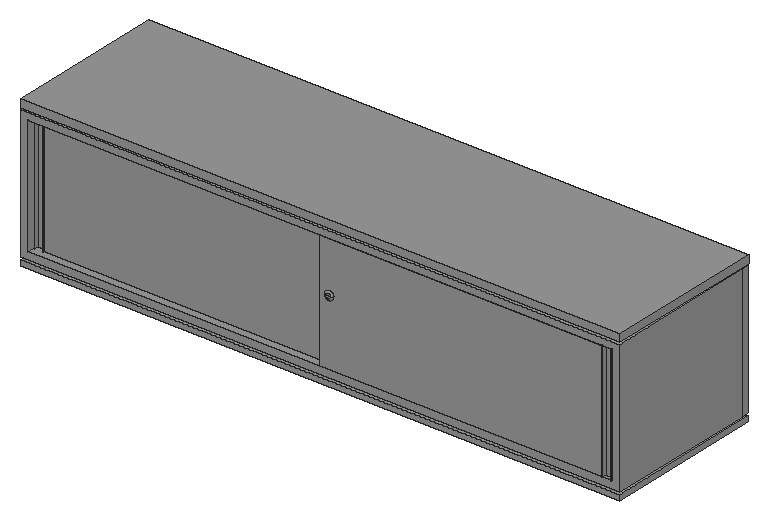
Revit family "Haworth_BeHold-Design_SlidingDoorCabinet_TopElement_EU_PRELIMINARY", category Furniture Systems, Revit 2019
Family settings
  Round Connector Dimension = Use Diameter
  Part Type = Normal
  OmniClass Number = 23.40.70.14.64.21
  OmniClass Title = Systems Furniture
  Work Plane-Based = No
  Always vertical = Yes
  Cut with Voids When Loaded = No
  Shared = No
  Room Calculation Point = No
Parameters (values of type "160w 1BH")
  with Cover Plate [instance] = yes
  Width = 160 cm
  Warranty = "http://www.haworth.com/resources/product-info/warranties"
  URL - Product = "https://www.haworth.com/eu/en/products/office-drawers/be-hold.html"
  URL = "https://www.haworth.com/eu/en.html"
  Trim Finish = Haworth _ Polymer _ Undecided
  Top Finish [instance] = Haworth _ Laminate _ Undecided _ Storage
  Size = "Verify Final Dim. w/ Haworth"  # constant formula
  Revision Number = "1"  # constant formula
  Recessed Handle Thickness Right = -0.2 cm  # constant formula
  Recessed Handle Thickness Left = 1.8 cm  # constant formula
  Recessed Handle Pull = no
  Pull Height = 10 cm  # constant formula
  Pull Finish = Haworth _ Polymer _ Undecided
  Mounting Height [instance] = 40 cm
  Model = "ESDSDAE"  # constant formula
  Min. Width = 80 cm  # constant formula
  Min. Height = 39.2 cm  # constant formula
  Max. Width = 160 cm  # constant formula
  Max. Height = 150.8 cm  # constant formula
  Manufacturer = "Haworth"  # constant formula
  Lock Offset Side = Actual Width / 2 - 7 cm  # 73 cm
  Lock Offset Length = Actual Height / 2  # 19.6 cm
  Height = 39.2 cm
  Handle 128 128 Pull = no
  Glide Finish = Haworth _ Polymer _ Undecided
  Front Finish [instance] = Haworth _ Laminate _ Undecided _ Storage
  End to End Sliding Door Pull = not(or(Handle 128 128 Pull, Recessed Handle Pull))  # yes
  Door Width = if(End to End Sliding Door Pull, Actual Width / 2 - 4.5 cm, if(Recessed Handle Pull, Actual Width / 2 - 2 cm, Actual Width / 2 - 2 cm))  # 75.5 cm
  Door Height = Actual Height - 4 cm  # 35.2 cm
  Description = "Haworth - BeHold Design - Sliding Door Cabinet - Top Element"  # constant formula
  Custom Size = not(or(Width = 91.44 cm, Width = 106.68 cm, Width = 121.92 cm, Width = 137.16 cm, Width = 152.4 cm, Width = 167.64 cm, Width = 182.88 cm))  # yes
  Cabinet Finish [instance] = Haworth _ Laminate _ Undecided _ Storage
  Back Finish [instance] = Haworth _ Laminate _ Undecided _ Storage
  Author = "Haworth (Abd Rahman)"  # constant formula
  Assembly Code = "E2020200"
  Actual Width = if(Width < Min. Width, Min. Width, if(Width > Max. Width, Max. Width, Width))  # 160 cm
  Actual Height = if(Height < Min. Height, Min. Height, if(Height > Max. Height, Max. Height, Height))  # 39.2 cm
  Actual Depth = 43 cm  # constant formula
  4BH = Actual Height = 150.8 cm  # no
  3BH = Actual Height = 113.6 cm  # no
  2BH = Actual Height = 76.4 cm  # no
  1BH = Actual Height = 39.2 cm  # yes
Types (6, lengths in cm): name | Width | Recessed Handle Pull | Lock Offset Side | Lock Offset Length | Height | Handle 128 128 Pull | End to End Sliding Door Pull | Door Width | Door Height | Actual Width | Actual Height | 4BH | 3BH | 2BH | 1BH
  80w 1BH | 80 | no | 33 | 19.6 | 39.2 | yes | no | 38 | 35.2 | 80 | 39.2 | no | no | no | yes
  90w 2BH | 90 | yes | 38 | 38.2 | 76.4 | no | no | 43 | 72.4 | 90 | 76.4 | no | no | yes | no
  100w 3BH | 100 | no | 43 | 56.8 | 113.6 | no | yes | 45.5 | 109.6 | 100 | 113.6 | no | yes | no | no
  120w 4BH | 120 | no | 53 | 75.4 | 150.8 | yes | no | 58 | 146.8 | 120 | 150.8 | yes | no | no | no
  140w 3BH | 140 | yes | 63 | 56.8 | 113.6 | no | no | 68 | 109.6 | 140 | 113.6 | no | yes | no | no
  160w 1BH | 160 | no | 73 | 19.6 | 39.2 | no | yes | 75.5 | 35.2 | 160 | 39.2 | no | no | no | yes
Reference planes (cm)
  plane 1: z = 40
  plane 2 "Center L/R": x = -15.6859
  plane 3 "Center F/B": y = -29.21
  plane 4 "Top": z = 79.2
  plane 5 "Back": y = -7.71
  plane 6 "Front": y = -50.71
  plane 7 "Right": x = 64.3141
  plane 8 "Left": x = -95.6859
  plane 9: z = 77.3816
  plane 10: x = 62.3141
  plane 11: x = -93.6859
  plane 12: z = 41.8184
  plane 13: y = -48.71
  plane 14: z = 79.7
  plane 15: y = -9.71
  plane 16: z = 43.8184
  plane 17: z = 45.8184
  plane 18: z = 43.3184
  plane 19: y = -44.4342
  plane 20: x = 54.5804
  plane 21: y = -42.4342
  plane 22: y = -13.9858
  plane 23: y = -15.9858
  plane 24: x = -85.9522
  plane 25: y = -44.74
  plane 26: y = -43.3236
  plane 27: y = -13.68
  plane 28: y = -15.0964
  plane 29: y = -49.3975
  plane 30: y = -49.5975
  plane 31: x = 62.1141
  plane 32: x = 59.8496
  plane 33: x = 59.6496
  plane 34: x = 57.8016
  plane 35: x = 52.8016
  plane 36: z = 47.8184
  plane 37: z = 65.8184
  plane 38: x = -89.1734
  plane 39: x = -84.1734
  plane 40: z = 47.8184
  plane 41: z = 65.8184
  plane 42: x = -87.6734
  plane 43: x = -85.6734
  plane 44: z = 64.3184
  plane 45: z = 49.3184
  plane 46: x = 56.3016
  plane 47: x = 54.3016
  plane 48: z = 64.3184
  plane 49: z = 49.3184
  plane 50: y = -47.5975
  plane 51: x = -93.4859
  plane 52: x = -91.2214
  plane 53: x = -91.0214
  plane 54: y = -47.3975
  plane 55: y = -50.81
  plane 56: y = -48.8268
Forms (cm)
  Extrusion 1, solid, material "Haworth _ Laminate _ Undecided _ Storage" <- "Cabinet Finish"
    sketch origin (0, -29.21, 0) x (1, 0, 0) y (0, 0, 1)
      loop
        line (-95.6859, 79.2) -> (-95.6859, 43.8184) -> (64.3141, 43.8184) -> (64.3141, 79.2) -> (-95.6859, 79.2)
      loop
        line (-93.6859, 77.3816) -> (-93.6859, 45.8184) -> (62.3141, 45.8184) -> (62.3141, 77.3816) -> (-93.6859, 77.3816)
    from -19.5 to 21.5
  Extrusion 2, solid, material "Haworth _ Laminate _ Undecided _ Storage" <- "Cabinet Finish"
    sketch origin (0, -29.21, 0) x (1, 0, 0) y (0, 0, 1)
      loop
        line (-95.6859, 43.3184) -> (-95.6859, 41.8184) -> (64.3141, 41.8184) -> (64.3141, 43.3184) -> (-95.6859, 43.3184)
    from -21.5 to 21.5
  Extrusion 3, solid, material "Haworth _ Polymer _ Undecided" <- "Glide Finish"
    sketch origin (0, 0, 0) x (1, 0, 0) y (0, 1, 0)
      loop
        arc (53.0804, -42.4342) -> (54.5804, -46.9342) -> (56.0804, -42.4342) r 2.5
        line (56.0804, -42.4342) -> (53.0804, -42.4342)
      loop
        line (53.0804, -15.9858) -> (56.0804, -15.9858)
        arc (56.0804, -15.9858) -> (54.5804, -11.4858) -> (53.0804, -15.9858) r 2.5
      loop
        line (-84.4522, -42.4342) -> (-87.4522, -42.4342)
        arc (-87.4522, -42.4342) -> (-85.9522, -46.9342) -> (-84.4522, -42.4342) r 2.5
      loop
        arc (-84.4522, -15.9858) -> (-85.9522, -11.4858) -> (-87.4522, -15.9858) r 2.5
        line (-87.4522, -15.9858) -> (-84.4522, -15.9858)
    from 40 to 41.8184
  Extrusion 4, solid, material "Haworth _ Laminate _ Undecided _ Storage" <- "Back Finish"
    sketch origin (0, -29.21, 0) x (1, 0, 0) y (0, 0, 1)
      loop
        line (64.3141, 79.2) -> (-95.6859, 79.2) -> (-95.6859, 43.8184) -> (64.3141, 43.8184) -> (64.3141, 79.2)
    from -21.5 to -19.5
  Extrusion 5, solid, material "Haworth _ Polymer _ Undecided" <- "Glide Finish"
    sketch origin (0, 0, 0) x (1, 0, 0) y (0, 1, 0)
      loop
        line (-93.6859, -44.74) -> (62.3141, -44.74) -> (62.3141, -43.3236) -> (-93.6859, -43.3236) -> (-93.6859, -44.74)
      loop
        line (-93.6859, -13.68) -> (-93.6859, -15.0964) -> (62.3141, -15.0964) -> (62.3141, -13.68) -> (-93.6859, -13.68)
    from 43.3184 to 43.8184
  Extrusion 6, solid, material "Haworth _ Polymer _ Undecided" <- "Pull Finish", visible <- "End to End Sliding Door Pull"
    sketch origin (0, 0, 0) x (1, 0, 0) y (0, 1, 0)
      loop
        line (62.1141, -50.71) -> (62.3141, -50.71) -> (62.3141, -49.3975) -> (59.6496, -49.3975) -> (59.6496, -50.71) -> (59.8496, -50.71) -> (59.8496, -49.5975) -> (62.1141, -49.5975) -> (62.1141, -50.71)
    from 45.8184 to 77.3816
  Extrusion 7, solid, material "Haworth _ Polymer _ Undecided" <- "Pull Finish", visible <- "Recessed Handle Pull"
    sketch origin (0, -50.71, 0) x (-1, 0, 0) y (0, 0, 1)
      loop
        line (-57.8016, 65.8184) -> (-57.8016, 47.8184) -> (-52.8016, 47.8184) -> (-52.8016, 65.8184) -> (-57.8016, 65.8184)
    from -0.2 <- "Recessed Handle Thickness Right" to 0
  Extrusion 8, solid, material "Haworth _ Polymer _ Undecided" <- "Pull Finish", visible <- "Recessed Handle Pull"
    sketch origin (0, -50.71, 0) x (-1, 0, 0) y (0, 0, 1)
      loop
        line (89.1734, 65.8184) -> (84.1734, 65.8184) -> (84.1734, 47.8184) -> (89.1734, 47.8184) -> (89.1734, 65.8184)
    from 2 to 1.8 <- "Recessed Handle Thickness Left"
  Extrusion 9, void
    sketch origin (0, -50.71, 0) x (-1, 0, 0) y (0, 0, 1)
      loop
        line (-54.3016, 64.3184) -> (-56.3016, 64.3184) -> (-56.3016, 49.3184) -> (-54.3016, 49.3184) -> (-54.3016, 64.3184)
    from -26.954 to -0.1
  Extrusion 10, void
    sketch origin (0, -50.71, 0) x (-1, 0, 0) y (0, 0, 1)
      loop
        line (85.6734, 64.3184) -> (85.6734, 49.3184) -> (87.6734, 49.3184) -> (87.6734, 64.3184) -> (85.6734, 64.3184)
    from -26.954 to 1.8832
  Extrusion 11, solid, material "Haworth _ Polymer _ Undecided" <- "Pull Finish"
    sketch origin (0, 0, 0) x (1, 0, 0) y (0, 1, 0)
      loop
        line (-93.4859, -48.71) -> (-93.4859, -47.5975) -> (-91.2214, -47.5975) -> (-91.2214, -48.71) -> (-91.0214, -48.71) -> (-91.0214, -47.3975) -> (-93.6859, -47.3975) -> (-93.6859, -48.71) -> (-93.4859, -48.71)
    from 45.8184 to 77.3816
Cuts and joins
  Extrusion 9 cuts Extrusion 7
  Extrusion 9, Extrusion 10 cuts Extrusion 8
Lines and regions (cm)
  Masking region 1
    outline origin (0, 0, 0) x (1, 0, 0) y (0, 1, 0)
      loop
        line (-95.6859, -7.71) -> (-95.6859, -50.71) -> (64.3141, -50.71) -> (64.3141, -7.71) -> (-95.6859, -7.71)
Dimensions and locks (cm)
  equal spacing: plane 8 "Left", plane 2 "Center L/R", plane 7 "Right"
  "Actual Width": plane 8 "Left" to plane 7 "Right"
  equal spacing: plane 5 "Back", plane 3 "Center F/B", plane 6 "Front"
  "Actual Depth": plane 5 "Back" to plane 6 "Front"
  locked: plane 10 to plane 7 "Right" at 2
  locked: plane 8 "Left" to plane 11 at 2
  locked: plane 4 "Top" to plane 9 at 1.8184
  locked: plane 12 to plane 1 at 1.8184
  "Actual Height": plane 4 "Top" to plane 1
  "Mounting Height": plane 1 to level
  locked: plane 6 "Front" to plane 13 at 2
  locked: plane 14 to plane 4 "Top" at 0.5
  locked: plane 15 to plane 5 "Back" at 2
  locked: plane 16 to plane 12 at 2
  locked: plane 17 to plane 16 at 2
  locked: plane 16 to plane 18 at 0.5
  plane 21 to plane 19 to plane 6 "Front" = 2 cm locked, 6.2758 cm locked
  locked: plane 20 to plane 7 "Right" at 9.7337
  locked: plane 23 to plane 22 at 2
  locked: plane 22 to plane 5 "Back" at 6.2758
  locked: plane 8 "Left" to plane 24 at 9.7337
  plane 6 "Front" to plane 25 to plane 26 = 5.97 cm locked, 1.4164 cm locked
  locked: plane 27 to plane 28 at 1.4164
  locked: plane 5 "Back" to plane 27 at 5.97
  plane 33 to plane 32 to plane 31 to plane 7 "Right" = 0.2 cm locked, 2.2645 cm locked, 2.2 cm locked
  plane 6 "Front" to plane 30 to plane 29 = 1.1125 cm locked, 0.2 cm locked
  plane 35 to plane 34 to plane 7 "Right" = 5 cm locked, 6.5125 cm locked
  plane 39 to plane 38 to plane 8 "Left" = 5 cm locked, 6.5125 cm locked
  plane 41 to plane 40 to plane 17 = 18 cm locked, 2 cm locked
  plane 37 to plane 36 to plane 17 = 18 cm locked, 2 cm locked
  plane 44 to plane 45 to plane 17 = 15 cm locked, 3.5 cm locked
  plane 43 to plane 42 to plane 8 "Left" = 2 cm locked, 8.0125 cm locked
  plane 48 to plane 49 to plane 17 = 15 cm locked, 3.5 cm locked
  plane 47 to plane 46 to plane 7 "Right" = 2 cm locked, 8.0125 cm locked
  plane 8 "Left" to plane 51 to plane 52 to plane 53 = 2.2 cm locked, 2.2645 cm locked, 0.2 cm locked
  plane 6 "Front" to plane 50 to plane 54 = 3.1125 cm locked, 0.2 cm locked
  locked: plane 55 to plane 6 "Front" at 0.1
  locked: plane 56 to plane 13 at 0.1168
  radius of Extrusion 3 sketch curve = 2.5 cm  (x4)
  aligned and locked: plane 7 "Right" to Masking region 1
  aligned and locked: plane 5 "Back" to Masking region 1
  aligned and locked: Masking region 1 to plane 6 "Front"
  aligned and locked: Masking region 1 to plane 8 "Left"
  aligned and locked: plane 6 "Front" to nested 1
  aligned and locked: plane 13 to nested 2
  aligned and locked: plane 3 "Center F/B" to nested 3
  aligned and locked: plane 2 "Center L/R" to nested 3
  aligned and locked: nested 3 to plane 14
  aligned and locked: plane 8 "Left" to Extrusion 1 sketch curve
  aligned and locked: Extrusion 1 sketch curve to plane 7 "Right"
  aligned and locked: Extrusion 1 sketch curve to plane 4 "Top"
  aligned and locked: plane 10 to Extrusion 1 sketch curve
  aligned and locked: Extrusion 1 sketch curve to plane 9
  aligned and locked: Extrusion 1 sketch curve to plane 11
  aligned and locked: nested 1 to plane 9
  aligned and locked: nested 2 to plane 9
  aligned and locked: Extrusion 1 to plane 16
  aligned and locked: Extrusion 2 sketch curve to plane 7 "Right"
  aligned and locked: plane 8 "Left" to Extrusion 2 sketch curve
  aligned and locked: Extrusion 2 to plane 12
  aligned and locked: plane 5 "Back" to Extrusion 2
  aligned and locked: Extrusion 2 to plane 6 "Front"
  aligned and locked: plane 19 to Extrusion 3 sketch curve  (x2)
  aligned and locked: plane 20 to Extrusion 3 sketch curve  (x2)
  aligned and locked: plane 22 to Extrusion 3 sketch curve
  aligned and locked: plane 24 to Extrusion 3 sketch curve  (x2)
  aligned and locked: plane 23 to Extrusion 3 sketch curve  (x2)
  aligned and locked: Extrusion 3 sketch curve to plane 22
  aligned and locked: plane 21 to Extrusion 3 sketch curve
  aligned and locked: Extrusion 3 sketch curve to plane 21
  aligned and locked: Extrusion 3 to plane 1
  aligned and locked: plane 12 to Extrusion 3
  aligned and locked: Extrusion 1 to plane 15
  aligned and locked: Extrusion 4 sketch curve to plane 7 "Right"
  aligned and locked: plane 8 "Left" to Extrusion 4 sketch curve
  aligned and locked: Extrusion 4 sketch curve to plane 16
  aligned and locked: Extrusion 4 sketch curve to plane 4 "Top"
  aligned and locked: plane 5 "Back" to Extrusion 4
  aligned and locked: plane 15 to Extrusion 4
  aligned and locked: Extrusion 5 sketch curve to plane 26
  aligned and locked: Extrusion 5 sketch curve to plane 25
  aligned and locked: Extrusion 5 sketch curve to plane 27
  aligned and locked: Extrusion 5 sketch curve to plane 28
  aligned and locked: Extrusion 5 to plane 18
  aligned and locked: plane 16 to Extrusion 5
  aligned and locked: plane 10 to Extrusion 5 sketch curve
  aligned and locked: Extrusion 5 sketch curve to plane 10
  aligned and locked: Extrusion 5 sketch curve to plane 11
  aligned and locked: plane 11 to Extrusion 5 sketch curve
  aligned and locked: Extrusion 6 to plane 9
  aligned and locked: Extrusion 6 to plane 17
  aligned and locked: Extrusion 6 sketch curve to plane 31
  aligned and locked: Extrusion 6 sketch curve to plane 29
  aligned and locked: Extrusion 6 sketch curve to plane 30
  aligned and locked: Extrusion 6 sketch curve to plane 32
  aligned and locked: Extrusion 6 sketch curve to plane 33
  aligned and locked: Extrusion 6 sketch curve to plane 10
  aligned and locked: Extrusion 6 sketch curve to plane 6 "Front"  (x2)
  aligned and locked: plane 36 to Extrusion 7 sketch curve
  aligned and locked: Extrusion 7 sketch curve to plane 37
  aligned and locked: Extrusion 7 sketch curve to plane 35
  aligned and locked: Extrusion 7 sketch curve to plane 34
  aligned and locked: plane 6 "Front" to Extrusion 7
  aligned and locked: Extrusion 8 sketch curve to plane 39
  aligned and locked: plane 38 to Extrusion 8 sketch curve
  aligned and locked: Extrusion 8 sketch curve to plane 41
  aligned and locked: Extrusion 8 sketch curve to plane 40
  aligned and locked: Extrusion 8 to plane 13
  aligned and locked: Extrusion 10 sketch curve to plane 44
  aligned and locked: plane 45 to Extrusion 10 sketch curve
  aligned and locked: plane 42 to Extrusion 10 sketch curve
  aligned and locked: Extrusion 10 sketch curve to plane 43
  aligned and locked: Extrusion 9 sketch curve to plane 48
  aligned and locked: plane 49 to Extrusion 9 sketch curve
  aligned and locked: Extrusion 9 sketch curve to plane 46
  aligned and locked: Extrusion 9 sketch curve to plane 47
  aligned and locked: plane 2 "Center L/R" to nested 1
  aligned and locked: plane 2 "Center L/R" to nested 2
  aligned and locked: Extrusion 11 sketch curve to plane 51
  aligned and locked: Extrusion 11 sketch curve to plane 50
  aligned and locked: plane 52 to Extrusion 11 sketch curve
  aligned and locked: plane 53 to Extrusion 11 sketch curve
  aligned and locked: Extrusion 11 sketch curve to plane 11
  aligned and locked: Extrusion 11 to plane 17
  aligned and locked: plane 13 to Extrusion 11 sketch curve
  aligned and locked: Extrusion 11 sketch curve to plane 13
  aligned and locked: Extrusion 11 sketch curve to plane 54
  aligned and locked: plane 9 to Extrusion 11
  aligned and locked: Extrusion 1 to plane 6 "Front"
  aligned and locked: plane 56 to Extrusion 10
  aligned and locked: plane 55 to Extrusion 9
Automatic sketch dimensions
  Masking region 1 sketch curve to plane 6 "Front" = 0 cm
  Masking region 1 sketch curve to plane 8 "Left" = 0 cm
  Masking region 1 sketch curve to plane 7 "Right" = 0 cm
  Masking region 1 sketch curve to plane 5 "Back" = 0 cm
  Extrusion 1 sketch curve to plane 16 = 0 cm
  Extrusion 1 sketch curve to plane 17 = 0 cm
  Extrusion 2 sketch curve to plane 12 = 0 cm
  Extrusion 2 sketch curve to plane 18 = 0 cm
Nested families (cm)
  nested 1: "Haworth_BeHold_SingleHingedDoor_PART" at (37.75, -1.18, -11.7112), type "Single Hinged Door w/pull"
    with Pull Height 10 cm, Lock Offset Side 73 cm, Lock Offset Length 19.6 cm, Linear Pull no, Actual Width 75.5 cm, Actual Height 35.2 cm
  nested 2: "Haworth_BeHold_SingleHingedDoor_PART" at (-69.1218, 0.82, -11.7112) x (-1, 0, 0) z (0, 0, 1), type "Single Hinged Door w/pull w/o Lock"
    with Without Lock yes, With Lock no, Pull Height 10 cm, Lock Offset Side 45 cm, Lock Offset Length 6.1516 cm, Linear Pull no, Actual Width 75.5 cm, Actual Height 35.2 cm
  nested 3: "Haworth_BeHold_CoverPlate_Top-PART" at (0, 0, -170.3), visible <- "with Cover Plate", Top Finish <- "Top Finish", type "Cover Plate"
    with Top Finish Haworth _ Laminate _ Undecided _ Storage, Actual Width 160 cm, Actual Mounting Height 250 cm, Actual Depth 43 cm
Definition of nested family "Haworth_BeHold_SingleHingedDoor_PART"
  Parameters (values of type "Single Hinged Door w/pull")
    Without Lock = not(With Lock)  # no
    With Lock = yes
    Wing Pull = no
    Warranty = "http://www.haworth.com/resources/product-info/warranties"
    URL - Product = ""
    URL = "www.haworth.com"
    Sustainability Info = "https://www.haworth.com/company-info/sustainability"
    Size = "Verify Final Dim. w/ Haworth"  # constant formula
    Revision Number = "1"  # constant formula
    Pull Height = 61.24 cm
    Pull Finish = none
    No Pull = yes
    Model = "Haworth Be_Hold"  # constant formula
    Manufacturer = "Haworth"  # constant formula
    Lock Offset Side = 6.0621 cm
    Lock Offset Length = 7.62 cm
    Linear Pull = yes
    Description = "PART"
    Crescent Pull = not(or(Linear Pull, Classic Pull, Wing Pull, Blade Pull, No Pull))  # no
    Classic Pull = no
    Cabinet Finish = none
    Blade Pull = no
    Author = "Haworth (Abd Rahman)"  # constant formula
    Assembly Code = "E2020200"
    Actual Width = 58 cm
    Actual Height = 149.1 cm
    Actual Depth = 40.64 cm  # constant formula
  Reference planes (cm)
    plane 1: z = 0
    plane 2 "Center L/R": x = -15.6859
    plane 3 "Center F/B": y = -29.21
    plane 4 "Top": z = 204.9006
    plane 5 "Back": y = -8.89
    plane 6 "Front": y = -49.53
    plane 7 "Right": x = 13.3141
    plane 8 "Left": x = -44.6859
    plane 9: z = 55.8006
    plane 10: y = -47.56
    plane 11: z = 202.9928
    plane 12: z = 57.7056
    plane 13: x = 11.4091
    plane 14: x = -42.7809
    plane 15: z = 117.0406
    plane 16: x = 7.252
    plane 17: z = 63.4206
  Forms (cm)
    Extrusion 1, solid, material <- "Cabinet Finish"
      sketch origin (0, -49.53, 0) x (-1, 0, 0) y (0, 0, 1)
        loop
          line (44.6859, 202.9928) -> (-13.3141, 202.9928) -> (-13.3141, 57.7056) -> (44.6859, 57.7056) -> (44.6859, 202.9928)
      from 0 to 1.97
    Revolve 2, solid, material <- "Pull Finish", visible <- "With Lock"
      sketch origin (0, -0.1588, 63.4206) x (1, 0, 0) y (0, 1, 0)
        loop
          line (7.252, -49.3784) -> (7.252, -49.6959) -> (8.0457, -49.6959)
          arc (8.0457, -49.6959) -> (8.2702, -49.6029) -> (8.3632, -49.3784) r 0.3175
          line (8.3632, -49.3784) -> (7.252, -49.3784)
        axis (7.252, -49.3784) -> (7.252, -49.6959)
      angle from 0 to 360
  Dimensions and locks (cm)
    equal spacing: plane 8 "Left", plane 2 "Center L/R", plane 7 "Right"
    "Actual Width": plane 8 "Left" to plane 7 "Right"
    equal spacing: plane 5 "Back", plane 3 "Center F/B", plane 6 "Front"
    "Actual Depth": plane 5 "Back" to plane 6 "Front"
    plane 9 to level = 55.8006 cm
    "Actual Height": plane 4 "Top" to plane 9
    locked: plane 6 "Front" to plane 10 at 1.97
    locked: plane 4 "Top" to plane 11 at 1.9078
    plane 13 to plane 7 "Right" = 1.905 cm
    plane 8 "Left" to plane 14 = 1.905 cm
    locked: plane 9 to plane 12 at 1.905
    "Pull Height": plane 15 to plane 9
    locked: nested 1 to plane 13 at 2.8575
    "Lock Offset Side": plane 16 to plane 7 "Right"
    "Lock Offset Length": plane 17 to plane 9
    aligned and locked: Extrusion 1 sketch curve to plane 12
    aligned and locked: nested 1 to plane 6 "Front"
    aligned and locked: Extrusion 1 sketch curve to plane 7 "Right"
    aligned and locked: plane 8 "Left" to Extrusion 1 sketch curve
    aligned and locked: plane 15 to nested 1
    aligned and locked: plane 16 to Revolve 2 sketch curve
    aligned and locked: plane 17 to Revolve 2
  Automatic sketch dimensions
    Extrusion 1 sketch curve to plane 11 = 0 cm
    Revolve 2 sketch curve to plane 6 "Front" = 0.0072 cm
    Revolve 2 sketch curve to plane 6 "Front" = 0.3246 cm
    Revolve 2 sketch curve to Revolve 2 sketch curve = 0.7938 cm
    Revolve 2 sketch curve to Revolve 2 sketch curve = 0 cm  (x3)
  Nested families (cm)
    nested 1: "Haworth_Door-Pulls_PART" at (11.4933, -49.4532, 126.0957), type "Pull"
      with Linear yes, Classic no
  Definition of nested family "Haworth_Door-Pulls_PART"
    Parameters (values of type "Pull")
      Working Distance = 0 cm  # constant formula
      Wing Pull Length = 21.1074 cm
      Wing = no
      Warranty = "https://www.haworth.com/resources/product-info/warranties"
      URL - Product = ""
      URL = "www.haworth.com"
      Trim Finish = none
      Revision Number = "1"  # constant formula
      Model = "Haworth Be_Hold"  # constant formula
      Manufacturer = "Haworth"  # constant formula
      Linear Pull Length = 18.1102 cm
      Linear = no
      Description = "Haworth - Be_Hold - Door Pulls"
      Cresent = no
      Classic Pull Length = 20.32 cm
      Classic = yes
      Author = "Haworth (Alias)"  # constant formula
      Assembly Code = ""
    Reference planes (cm)
      plane 1 "Center F/B": y = -0.0768
      plane 2 "Center": z = 0
      plane 3 "Center L/R": x = -3.2592
      plane 4 "Right": x = -1.9892
      plane 5 "Left": x = -4.5292
      plane 6 "cresent": x = -3.2592
      plane 7 "classic": x = -3.2592
      plane 8 "linear": x = -3.2592
      plane 9 "Top linear": z = 9.0551
      plane 10 "Bottom linear": z = -9.0551
      plane 11 "Left wing": x = -13.8129
      plane 12 "Right wing": x = 7.2945
      plane 13 "Top classic": z = 10.16
      plane 14 "Bottom classic": z = -10.16
    Forms (cm)
      Extrusion 1, solid, material <- "Trim Finish", visible <- "Linear"
        sketch origin (-3.2592, 0, 0) x (0, 0, 1) y (0, -1, 0)
          loop
            line (9.0551, 0.0768) -> (9.0551, 3.2518) -> (-9.0551, 3.2518) -> (-9.0551, 0.0768) -> (-6.5151, 0.0768) -> (-6.5151, 2.6168) -> (6.5151, 2.6168) -> (6.5151, 0.0768) -> (9.0551, 0.0768)
        from 0.3175 to -0.3175
      Extrusion 2, solid, material <- "Trim Finish", visible <- "Classic"
        sketch origin (-17.5467, -0.0768, 29.0033) x (0, 0, -1) y (1, 0, 0)
          loop
            line (18.8433, 15.24) -> (18.8433, 13.335)
            arc (18.8433, 13.335) -> (19.7958, 14.2875) -> (18.8433, 15.24) r 0.9525
        from 0 to 2.54
      Extrusion 3, solid, material <- "Trim Finish", visible <- "Classic"
        sketch origin (-17.5467, -0.0768, -11.7475) x (0, 0, 1) y (-1, 0, 0)
          loop
            arc (1.5875, -15.24) -> (2.54, -14.2875) -> (1.5875, -13.335) r 0.9525
            line (1.5875, -13.335) -> (1.5875, -15.24)
        from 0 to 2.54
      Extrusion 4, solid, material <- "Trim Finish", visible <- "Classic"
        sketch origin (-17.5467, -0.0768, 29.0033) x (0, 0, -1) y (1, 0, 0)
          loop
            line (18.8433, 15.24) -> (18.8433, 13.335) -> (39.1633, 13.335) -> (39.1633, 15.24) -> (18.8433, 15.24)
        from 2.54 to 3.175
      Sweep 5, solid, material <- "Trim Finish", visible <- "Cresent"
        path origin (-3.2592, 0, 0) x (0, 1, 0) y (0, 0, 1)
          loop
            arc (-0.0768, 9.4293) -> (-3.175, 0.0077) -> (-0.0768, -9.414) r 15.875
        profile origin (-3.2592, -3.175, 0.0077) x (1, 0, 0) y (0, 1, 0)
          loop
            circle (0, 0.3175) r 0.3175
      Extrusion 6, void
        sketch origin (-3.2592, 0, 0) x (0, 0, 1) y (0, -1, 0)
          loop
            line (9.6277, 0.0768) -> (-9.7545, 0.0768) -> (-9.7545, -0.8146) -> (9.6277, -0.8146) -> (9.6277, 0.0768)
        from 0.635 to -0.635
      Sweep 7, solid, material <- "Trim Finish", visible <- "Wing"
        path origin (0, 0, 0) x (1, 0, 0) y (0, 1, 0)
          loop
            line (7.2945, -0.0768) -> (-13.8129, -0.0768)
        profile origin (-3.2592, -0.0768, 0) x (0, -1, 0) y (0, 0, 1)
          loop
            line (0, 0) -> (0, -0.1397) -> (1.8151, -1.154)
            arc (1.8151, -1.154) -> (2.1712, -1.0357) -> (2.0214, -0.6917) r 0.2541
            line (2.0214, -0.6917) -> (0, 0)
      Extrusion 8, void
        sketch origin (0, 0, 0) x (1, 0, 0) y (0, 1, 0)
          loop
            line (-13.8129, -0.0768) -> (-13.8129, -2.7247) -> (-12.8491, -2.7247) -> (-13.8129, -0.0768)
          loop
            line (7.2945, -0.0768) -> (6.3307, -2.7247) -> (7.2945, -2.7247) -> (7.2945, -0.0768)
        from -9.0551 to 9.0551
    Cuts and joins
      Extrusion 6 cuts Extrusion 2
      Extrusion 6 cuts Extrusion 3
      Extrusion 6 cuts Extrusion 4
      joined: Extrusion 2, Extrusion 3, Extrusion 4
      Extrusion 6 cuts Extrusion 1
      Extrusion 6 cuts Sweep 5
      Extrusion 8 cuts Sweep 7
    Lines and regions (cm)
      symbolic lines, detail levels fine
        curve 1: line (-4.5292, -0.0768, 0) -> (-1.9892, -0.0768, 0)
    Dimensions and locks (cm)
      equal spacing: plane 4 "Right", plane 3 "Center L/R", plane 5 "Left"
      locked: plane 4 "Right" to plane 5 "Left" at 2.54
      cut or joined group of Extrusion 2, Extrusion 3, Extrusion 4, Extrusion 6 to plane 7 "classic" to cut or joined group of Extrusion 2, Extrusion 3, Extrusion 4, Extrusion 6 = 0.9525 cm locked, 0.9525 cm locked
      locked: Extrusion 6 sketch curve to plane 9 "Top linear" at 0.5726
      locked: plane 10 "Bottom linear" to Extrusion 6 sketch curve at 0.6994
      locked: Extrusion 8 sketch curve to plane 1 "Center F/B" at 2.6479
      locked: plane 1 "Center F/B" to Extrusion 8 sketch curve at 2.6479
      "Working Distance": plane 3 "Center L/R" to plane 7 "classic"
      "Working Distance": plane 3 "Center L/R" to plane 6 "cresent"
      "Working Distance": plane 3 "Center L/R" to plane 8 "linear"
      locked: plane 9 "Top linear" to Extrusion 1 sketch curve at 2.54
      locked: plane 10 "Bottom linear" to Extrusion 1 sketch curve at 2.54
      equal spacing: plane 9 "Top linear", plane 2 "Center", plane 10 "Bottom linear"
      "Linear Pull Length": plane 9 "Top linear" to plane 10 "Bottom linear"
      equal spacing: plane 13 "Top classic", plane 2 "Center", plane 14 "Bottom classic"
      "Classic Pull Length": plane 13 "Top classic" to plane 14 "Bottom classic"
      equal spacing: plane 12 "Right wing", plane 3 "Center L/R", plane 11 "Left wing"
      "Wing Pull Length": plane 12 "Right wing" to plane 11 "Left wing"
      locked: plane 11 "Left wing" to Extrusion 8 sketch curve at 0.9638
      locked: Extrusion 8 sketch curve to plane 12 "Right wing" at 0.9638
      aligned: Extrusion 1 to plane 1 "Center F/B"  (x2)
      aligned and locked: level to plane 2 "Center"
      aligned and locked: plane 6 "cresent" to Sweep 5 sketch curve
      aligned and locked: Extrusion 1 sketch curve to plane 9 "Top linear"
      aligned and locked: plane 10 "Bottom linear" to Extrusion 1 sketch curve
      aligned and locked: Sweep 7 sketch curve to plane 1 "Center F/B"
      aligned and locked: Extrusion 8 to plane 10 "Bottom linear"
      aligned and locked: plane 9 "Top linear" to Extrusion 8
      aligned and locked: plane 1 "Center F/B" to curve 1
      aligned and locked: plane 4 "Right" to curve 1
      aligned and locked: plane 5 "Left" to curve 1
      aligned and locked: Extrusion 4 sketch curve to plane 13 "Top classic"
      aligned and locked: plane 14 "Bottom classic" to Extrusion 4 sketch curve
      aligned and locked: plane 13 "Top classic" to Extrusion 2 sketch curve  (x2)
      aligned and locked: plane 7 "classic" to Extrusion 2 sketch curve
      aligned and locked: plane 7 "classic" to Extrusion 3 sketch curve
      aligned and locked: plane 14 "Bottom classic" to Extrusion 3 sketch curve  (x2)
      aligned and locked: plane 11 "Left wing" to Sweep 7 sketch curve
      aligned and locked: plane 12 "Right wing" to Sweep 7 sketch curve
      aligned and locked: Extrusion 8 sketch curve to plane 11 "Left wing"
      aligned and locked: Extrusion 8 sketch curve to plane 12 "Right wing"
    Automatic sketch dimensions
      Sweep 5 sketch curve to plane 1 "Center F/B" = 0 cm  (x2)
      level to Sweep 5 sketch curve = 0.0077 cm
      Sweep 5 sketch curve to plane 1 "Center F/B" = 12.7768 cm
      Sweep 5 sketch curve to profile plane = 0.3175 cm
      Sweep 5 sketch curve to level = 9.414 cm
      Extrusion 6 sketch curve to plane 1 "Center F/B" = 0 cm
      Extrusion 6 sketch curve to plane 1 "Center F/B" = 0.8914 cm
      Sweep 7 sketch curve to level = 0 cm
      Sweep 7 sketch curve to profile plane = 0 cm
      Sweep 7 sketch curve to profile plane = 1.8151 cm
      Sweep 7 sketch curve to Sweep 7 sketch curve = 0.124 cm
      Sweep 7 sketch curve to level = 0.6917 cm
      Sweep 7 sketch curve to Sweep 7 sketch curve = 0.0823 cm
      Sweep 7 sketch curve to Sweep 7 sketch curve = 0.2404 cm
      Sweep 7 sketch curve to Sweep 7 sketch curve = 0.1397 cm
      Extrusion 1 sketch curve to plane 1 "Center F/B" = 0 cm  (x2)
      plane 1 "Center F/B" to Extrusion 1 sketch curve = 2.54 cm
      Extrusion 1 sketch curve to Extrusion 1 sketch curve = 0.635 cm
      plane 5 "Left" to Extrusion 4 sketch curve = 0.3175 cm
      Extrusion 4 sketch curve to plane 4 "Right" = 0.3175 cm
      plane 1 "Center F/B" to Extrusion 8 sketch curve = 0 cm  (x2)
      plane 5 "Left" to Extrusion 2 sketch curve = 0.3175 cm
      Extrusion 3 sketch curve to plane 4 "Right" = 0.3175 cm
      radius of Sweep 5 sketch curve = 0.3175 cm
Definition of nested family "Haworth_BeHold_CoverPlate_Top-PART"
  Parameters (values of type "Cover Plate")
    Warranty = "http://www.haworth.com/resources/product-info/warranties"
    URL - Product = "https://www.haworth.com/eu/en/products/office-drawers/be-hold.html"
    URL = "https://www.haworth.com/eu/en.html"
    Top Finish [instance] = none
    Thickness = 2 cm
    Size = "Verify Final Dim. w/ Haworth"  # constant formula
    Revision Number = "1"  # constant formula
    Model = "Haworth Be_Hold"  # constant formula
    Manufacturer = "Haworth"  # constant formula
    Description = "Haworth - BeHold - Cover Plate"  # constant formula
    Author = "Haworth (Abd Rahman)"  # constant formula
    Assembly Code = "E2020200"
    Actual Width = 150 cm
    Actual Mounting Height = 45 cm
    Actual Depth = 120 cm
  Reference planes (cm)
    plane 1: z = 0
    plane 2 "Center L/R": x = -15.6859
    plane 3 "Center F/B": y = -29.21
    plane 4 "Top of top": z = 47
    plane 5 "Back": y = 30.79
    plane 6 "Front": y = -89.21
    plane 7 "Left": x = -90.6859
    plane 8 "Right": x = 59.3141
    plane 9 "Bottom of top": z = 45
  Forms (cm)
    Extrusion 1, solid, material <- "Top Finish"
      sketch origin (0, 0, 0) x (1, 0, 0) y (0, 1, 0)
        loop
          line (-90.6859, 30.79) -> (-90.6859, -89.21) -> (59.3141, -89.21) -> (59.3141, 30.79) -> (-90.6859, 30.79)
      from 45 to 47
  Lines and regions (cm)
    Masking region 1
      outline origin (0, 0, 0) x (1, 0, 0) y (0, 1, 0)
        loop
          line (-90.6859, 30.79) -> (-90.6859, -89.21) -> (59.3141, -89.21) -> (59.3141, 30.79) -> (-90.6859, 30.79)
  Dimensions and locks (cm)
    equal spacing: plane 5 "Back", plane 3 "Center F/B", plane 6 "Front"
    "Actual Depth": plane 5 "Back" to plane 6 "Front"
    equal spacing: plane 7 "Left", plane 2 "Center L/R", plane 8 "Right"
    "Actual Width": plane 7 "Left" to plane 8 "Right"
    "Thickness": plane 4 "Top of top" to plane 9 "Bottom of top"
    "Actual Mounting Height": plane 9 "Bottom of top" to plane 1
    aligned and locked: plane 8 "Right" to Extrusion 1 sketch curve
    aligned and locked: plane 7 "Left" to Extrusion 1 sketch curve
    aligned and locked: plane 6 "Front" to Extrusion 1 sketch curve
    aligned and locked: Extrusion 1 sketch curve to plane 5 "Back"
    aligned and locked: plane 4 "Top of top" to Extrusion 1
    aligned and locked: Extrusion 1 to plane 9 "Bottom of top"
    aligned and locked: plane 8 "Right" to Masking region 1 sketch curve
    aligned and locked: Masking region 1 sketch curve to plane 5 "Back"
    aligned and locked: plane 7 "Left" to Masking region 1 sketch curve
    aligned and locked: plane 6 "Front" to Masking region 1 sketch curve
